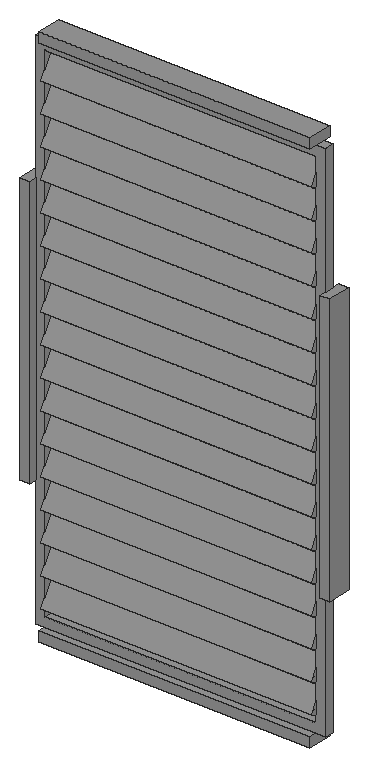
Revit family "prototype", category Generic Models, Revit 2019
Family settings
  Can host rebar = No
  Round Connector Dimension = Use Diameter
  Part Type = Normal
  Work Plane-Based = No
  Always vertical = Yes
  Cut with Voids When Loaded = No
  Shared = No
  Room Calculation Point = No
Reference planes
  plane 1 "Center (Front/Back)": y = 0
  plane 2: z = 0
  plane 3 "Center (Left/Right)": x = 0
  plane 4: y = 40
  plane 5: x = 1200
  plane 6: z = 2180
  plane 7: z = 2067.8
  plane 8: z = 1945.6
  plane 9: z = 1823.4
  plane 10: z = 1701.2
  plane 11: z = 1579
  plane 12: z = 1456.8
  plane 13: z = 1334.6
  plane 14: z = 1212.4
  plane 15: z = 1090.2
  plane 16: z = 968
  plane 17: z = 845.8
  plane 18: z = 723.6
  plane 19: z = 601.4
  plane 20: z = 479.2
  plane 21: z = 357
  plane 22: z = 234.8
  plane 23: z = 112.6
  plane 24: z = 2140
  plane 25: z = 40
  plane 26: z = 1090.2
Forms (mm)
  Extrusion 1, solid, material "Doorpanel-wood"
    sketch origin (0, 0, 0) x (1, 0, 0) y (0, 0, 1)
      loop
        line (1200, 2180) -> (0, 2180) -> (0, 0) -> (1200, 0) -> (1200, 2180)
      loop
        line (40, 2140) -> (40, 40) -> (1160, 40) -> (1160, 2140) -> (40, 2140)
    from 0 to -40
  Extrusion 2, solid, material "Doorpanel-wood"
    sketch origin (0, 2110, 2220) x (0, -1, 0) y (1, 0, 0)
      loop
        line (2040, 40) -> (2140, 40) -> (2140, 1160) -> (2040, 1160) -> (2040, 40)
    from -40 to 0
  Extrusion 3, solid, material "Doorpanel-wood"
    sketch origin (0, -1042.321, 267.807) x (1, 0, 0) y (0, 0.5, 0.866025)
      loop
        line (40, 2040) -> (1160, 2040) -> (1160, 2140) -> (40, 2140) -> (40, 2040)
    from -40 to 0
  Extrusion 4, solid, material "Doorpanel-wood"
    sketch origin (0, -1042.321, 145.607) x (1, 0, 0) y (0, 0.5, 0.866025)
      loop
        line (40, 2040) -> (1160, 2040) -> (1160, 2140) -> (40, 2140) -> (40, 2040)
    from -40 to 0
  Extrusion 5, solid, material "Doorpanel-wood"
    sketch origin (0, -1042.321, 23.407) x (1, 0, 0) y (0, 0.5, 0.866025)
      loop
        line (40, 2040) -> (1160, 2040) -> (1160, 2140) -> (40, 2140) -> (40, 2040)
    from -40 to 0
  Extrusion 6, solid, material "Doorpanel-wood"
    sketch origin (0, -1042.321, -98.793) x (1, 0, 0) y (0, 0.5, 0.866025)
      loop
        line (40, 2040) -> (1160, 2040) -> (1160, 2140) -> (40, 2140) -> (40, 2040)
    from -40 to 0
  Extrusion 7, solid, material "Doorpanel-wood"
    sketch origin (0, -1042.321, -220.993) x (1, 0, 0) y (0, 0.5, 0.866025)
      loop
        line (40, 2040) -> (1160, 2040) -> (1160, 2140) -> (40, 2140) -> (40, 2040)
    from -40 to 0
  Extrusion 8, solid, material "Doorpanel-wood"
    sketch origin (0, -1042.321, -343.193) x (1, 0, 0) y (0, 0.5, 0.866025)
      loop
        line (40, 2040) -> (1160, 2040) -> (1160, 2140) -> (40, 2140) -> (40, 2040)
    from -40 to 0
  Extrusion 9, solid, material "Doorpanel-wood"
    sketch origin (0, -1042.321, -465.393) x (1, 0, 0) y (0, 0.5, 0.866025)
      loop
        line (40, 2040) -> (1160, 2040) -> (1160, 2140) -> (40, 2140) -> (40, 2040)
    from -40 to 0
  Extrusion 10, solid, material "Doorpanel-wood"
    sketch origin (0, -1042.321, -587.593) x (1, 0, 0) y (0, 0.5, 0.866025)
      loop
        line (40, 2040) -> (1160, 2040) -> (1160, 2140) -> (40, 2140) -> (40, 2040)
    from -40 to 0
  Extrusion 11, solid, material "Doorpanel-wood"
    sketch origin (0, -1042.321, -709.993) x (1, 0, 0) y (0, 0.5, 0.866025)
      loop
        line (40, 2040) -> (1160, 2040) -> (1160, 2140) -> (40, 2140) -> (40, 2040)
    from -40 to 0
  Extrusion 12, solid, material "Doorpanel-wood"
    sketch origin (0, -1042.321, -831.993) x (1, 0, 0) y (0, 0.5, 0.866025)
      loop
        line (40, 2040) -> (1160, 2040) -> (1160, 2140) -> (40, 2140) -> (40, 2040)
    from -40 to 0
  Extrusion 13, solid, material "Doorpanel-wood"
    sketch origin (0, -1042.321, -954.193) x (1, 0, 0) y (0, 0.5, 0.866025)
      loop
        line (40, 2040) -> (1160, 2040) -> (1160, 2140) -> (40, 2140) -> (40, 2040)
    from -40 to 0
  Extrusion 14, solid, material "Doorpanel-wood"
    sketch origin (0, -1042.321, -1076.393) x (1, 0, 0) y (0, 0.5, 0.866025)
      loop
        line (40, 2040) -> (1160, 2040) -> (1160, 2140) -> (40, 2140) -> (40, 2040)
    from -40 to 0
  Extrusion 15, solid, material "Doorpanel-wood"
    sketch origin (0, -1042.321, -1198.593) x (1, 0, 0) y (0, 0.5, 0.866025)
      loop
        line (40, 2040) -> (1160, 2040) -> (1160, 2140) -> (40, 2140) -> (40, 2040)
    from -40 to 0
  Extrusion 16, solid, material "Doorpanel-wood"
    sketch origin (0, -1042.321, -1320.793) x (1, 0, 0) y (0, 0.5, 0.866025)
      loop
        line (40, 2040) -> (1160, 2040) -> (1160, 2140) -> (40, 2140) -> (40, 2040)
    from -40 to 0
  Extrusion 17, solid, material "Doorpanel-wood"
    sketch origin (0, -1042.321, -1442.993) x (1, 0, 0) y (0, 0.5, 0.866025)
      loop
        line (40, 2040) -> (1160, 2040) -> (1160, 2140) -> (40, 2140) -> (40, 2040)
    from -40 to 0
  Extrusion 18, solid, material "Doorpanel-wood"
    sketch origin (0, -1042.321, -1565.193) x (1, 0, 0) y (0, 0.5, 0.866025)
      loop
        line (40, 2040) -> (1160, 2040) -> (1160, 2140) -> (40, 2140) -> (40, 2040)
    from -40 to 0
  Extrusion 19, solid, material "Doorpanel-wood"
    sketch origin (0, -1042.321, -1687.393) x (1, 0, 0) y (0, 0.5, 0.866025)
      loop
        line (40, 2040) -> (1160, 2040) -> (1160, 2140) -> (40, 2140) -> (40, 2040)
    from -40 to 0
  Extrusion 20, solid, material "Doorpanel-wood"
    sketch origin (0, -2070, 0) x (1, 0, 0) y (0, 1, 0)
      loop
        line (40, 2040) -> (1160, 2040) -> (1160, 2140) -> (40, 2140) -> (40, 2040)
    from -40 to 0
  Extrusion 21, solid, material "Doorpanel-wood"
    sketch origin (1200, 2110, 1690.2) x (0, 0, -1) y (0, -1, 0)
      loop
        line (40, 2040) -> (1160, 2040) -> (1160, 2140) -> (40, 2140) -> (40, 2040)
    from -40 to 0
  Extrusion 22, solid, material "Doorpanel-wood"
    sketch origin (-40, 2110, 1690.2) x (0, 0, -1) y (0, -1, 0)
      loop
        line (40, 2040) -> (1160, 2040) -> (1160, 2140) -> (40, 2140) -> (40, 2040)
    from -40 to 0
Dimensions and locks
  plane 4 to plane 1 "Center (Front/Back)" = 40 mm
  plane 3 "Center (Left/Right)" to plane 5 = 1200 mm
  level to plane 6 = 2180 mm
  plane 24 to plane 7 to plane 8 to plane 9 to plane 10 to plane 11 to plane 12 to plane 13 to plane 14 to plane 15 to plane 16 to plane 17 to plane 18 to plane 19 to plane 20 to plane 21 to plane 22 to plane 23 = 72.2 mm, 122.2 mm, 122.2 mm, 122.2 mm, 122.2 mm, 122.2 mm, 122.2 mm, 122.2 mm, 122.2 mm, 122.2 mm, 122.2 mm, 122.2 mm, 122.2 mm, 122.2 mm, 122.2 mm, 122.2 mm, 122.2 mm
  locked: Extrusion 1 to Extrusion 1 at 40  (x4)
  plane 6 to level = 2180 mm
  plane 24 to plane 7 to plane 8 to plane 9 to plane 10 to plane 11 to plane 12 to plane 13 to plane 14 to plane 15 to plane 16 to plane 17 to plane 18 to plane 19 to plane 20 to plane 21 to plane 22 to plane 23 to level = 72.2 mm, 122.2 mm, 122.2 mm, 122.2 mm, 122.2 mm, 122.2 mm, 122.2 mm, 122.2 mm, 122.2 mm, 122.2 mm, 122.2 mm, 122.2 mm, 122.2 mm, 122.2 mm, 122.2 mm, 122.2 mm, 122.2 mm, 112.6 mm
  plane 24 to Extrusion 1 = 2100 mm
  plane 6 to plane 26 to level = 1089.8 mm, 1090.2 mm
  aligned and locked: level to plane 2
